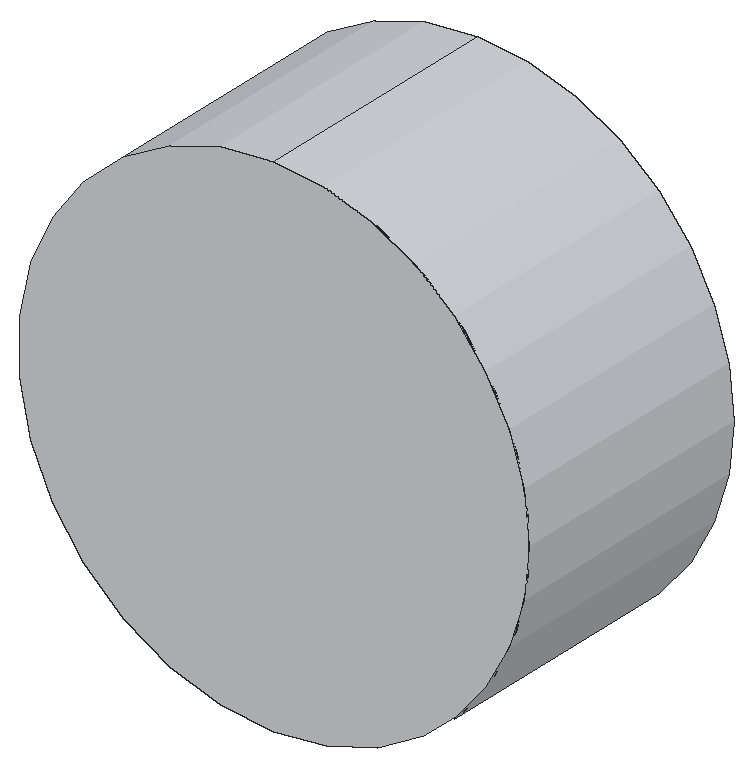
Revit family "09601100", category Specialty Equipment, Revit 2024
Family settings
  Round Connector Dimension = Use Diameter
  Part Type = Normal
  OmniClass Number = 23.40.00.00
  OmniClass Title = Equipment and Furnishings
  Work Plane-Based = No
  Enable Cutting in Views = Yes
  Always vertical = Yes
  Cut with Voids When Loaded = No
  Maintain Annotation Orientation = No
  Shared = No
  Room Calculation Point = No
Parameters (values of type "Standard")
  URL = "https://www.rustfriebergh.no/produkter/varmeplater-2/varmeplate-rbvps"
  Revision description = "."
  Revision Number = "-"
  Part Number = "09601100"
  Model = "09601100"
  Manufacturer = "Rustfriebergh AS"
  LastSavedTimestamp = "10.08.2023"
  LastSavedByUser = "MichaelR"
  Designer = "GeirG"
  Design State = 1
  Description = "Varmeplate RBVPS-3 GN"
  Default Elevation = 0 mm
  Creation Date = "18.04.2013"
  Author = "GeirG"
  3D-Driven = yes
Reference planes
  plane 1 "Center (Front/Back)": y = 0
  plane 2: z = 0
  plane 3 "Center (Left/Right)": x = 0
Forms (mm)
  Extrusion 1, solid
    sketch origin (453.5, -143, -119.75) x (0, 0, -1) y (1, 0, 0)
      loop
        circle (0, 0) r 3.048
    from 0 to -3.048
Dimensions and locks
  aligned and locked: level to plane 2
Connectors
  electrical at (453.5, -143, -119.75)
    settings: on Extrusion 1, index 1, voltage 230 V, apparent load 1200 VA, apparent load phase1 0 VA, apparent load phase2 0 VA, apparent load phase3 0 VA, power factor 0, load classification "Other", number of poles 1, system type 30, power factor state 1, is connector primary yes, connector utility no, sub classification motor no, connector description "Strømart"
